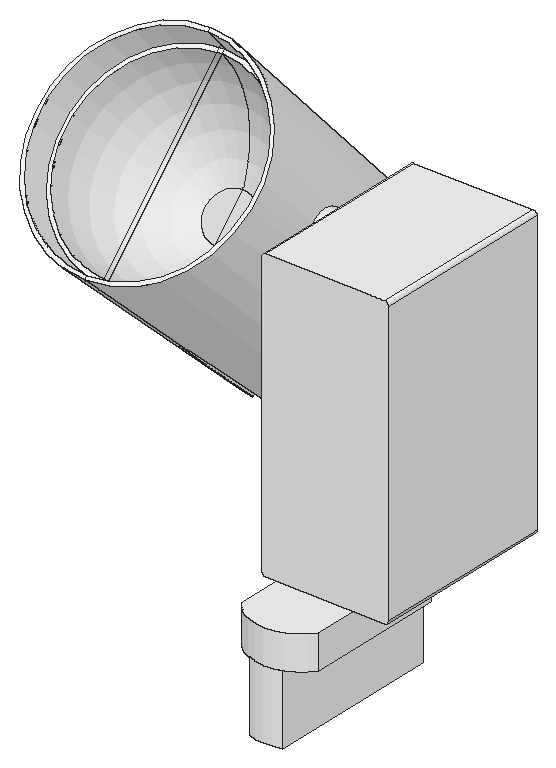
Revit family "0004875 Feilo Sylvania Lighting Fixture START TRACK SPOT S 24W 4K RA90 MB WHITE", category Lighting Fixtures, host Face, Revit 2017 (continued)
Definition of nested family "Start Track Spot Head"
  Types (96, lengths in mm): name | Wattage | built-in parameter 1150134 | Photometric Web File | Model | built-in parameter 1150105 | Lumens | built-in parameter 1150107 | built-in parameter 1150106 | HeadThickness_FEILO | HeadRibOffset_FEILO | HeadRibDepth_FEILO | HeadRibCutWidth_FEILO | HeadRibCutOffset_FEILO | HeadReflectorRadius_FEILO | HeadReflectorOffset_FEILO | HeadLEDRadius_FEILO | HeadHeight_FEILO | HeadDiffusorOffset_FEILO | HeadDiaOut_FEILO | HeadDiaIn_FEILO | HeadAxisFromTop_FEILO | Emit from Circle Diameter | built-in parameter 1150104 | Description | Apparent Load
    0004812 START TRACK SPOT S 14W 3K RA80 MB WHITE | 14 W | (empty or 0) | "0004812.ies" | "START TRACK SPOT S 14W 3K RA80 MB WHITE" | 120.32 (stored number, unit not read) | 1512 lm | 3000 (stored number, unit not read) | 1.2032 (stored number, unit not read) | 1.5 | 4.179 | 55.714 | 7.167 | 50.87 | 50.588 | 55.714 | 9.556 | 117 | 9.435 | 86 | 77.477 | 69.354 | 77.477 | 10.034 (stored number, unit not read) | "Integrated LED spotlight, Textured White - RAL9016, compact and minimalist design, ideal for retail applications, die-cast aluminium body, passive cooling heatsink. Beam angle: 36°, color temperature: 3000K , total system power: 14W, total fixture output: 1508 lm, LOR: 100%, colour rendering: Ra: 80 typical, LED Chromaticity: 3 step MacAdam ellipse, lifetime: >50000 hours at L70B50, energy class: A++, A+, A, IR/UV free light source without heat radiation, operating voltage: 220-240V / 50-60Hz, drive current: 350mA, electronic driver, non-dimmable, power factor: 0.92, electrical protection: Class II, Global Track 3 Phase adapter suitable for Global trac 3-circuit tracks, ingress protection rating: IP20, suitable for internal environment only, horizontal rotation: 355°, vertical tilt: 90°, dimensions: Ø86x140x200, weight: 0.940kg." | 14 VA
    0004811 START TRACK SPOT S 14W 3K RA80 NB WHITE | 14 W | (empty or 0) | "0004811.ies" | "START TRACK SPOT S 14W 3K RA80 NB WHITE" | 123.66 (stored number, unit not read) | 1554 lm | 3000 (stored number, unit not read) | 1.2366 (stored number, unit not read) | 1.5 | 4.179 | 55.714 | 7.167 | 50.87 | 50.588 | 55.714 | 9.556 | 117 | 9.435 | 86 | 77.477 | 69.354 | 77.477 | 10.312 (stored number, unit not read) | "Integrated LED spotlight, Textured White - RAL9016, compact and minimalist design, ideal for retail applications, die-cast aluminium body, passive cooling heatsink. Beam angle: 12°, color temperature: 3000K , total system power: 14W, total fixture output: 1551 lm, LOR: 100%, colour rendering: Ra: 80 typical, LED Chromaticity: 3 step MacAdam ellipse, lifetime: >50000 hours at L70B50, energy class: A++, A+, A, IR/UV free light source without heat radiation, operating voltage: 220-240V / 50-60Hz, drive current: 350mA, electronic driver, non-dimmable, power factor: 0.92, electrical protection: Class II, Global Track 3 Phase adapter suitable for Global trac 3-circuit tracks, ingress protection rating: IP20, suitable for internal environment only, horizontal rotation: 355°, vertical tilt: 90°, dimensions: Ø86x140x200, weight: 0.940kg." | 14 VA
  Reference planes
    plane 1 "Center (Front/Back)": y = 0
    plane 2: z = 0
    plane 3 "Center (Left/Right)": x = 0
    plane 4: x = 43
    plane 5: x = -43
    plane 6: x = -38.739
    plane 7: x = 38.739
    plane 8: z = 69.354
    plane 9: z = -47.646
    plane 10: x = -41.5
    plane 11: x = -37.239
    plane 12: z = -38.211
    plane 13: z = -35.211
    plane 14: z = 8.068
    plane 15: x = -9.556
    plane 16: x = -28.667
    plane 17: x = -19.111
    plane 18: x = -27.167
    plane 19: x = -17.611
    plane 20: x = -8.056
    plane 21: z = 13.64
    plane 22: x = -29.667
    plane 23: x = -26.167
    plane 24: x = -20.111
    plane 25: x = -16.611
    plane 26: x = -10.556
    plane 27: x = -7.056
    plane 28: x = -36.239
    plane 29: x = -40.5
    plane 30: z = 65.175
    plane 31: z = 60.997
    plane 32: z = 56.818
    plane 33: z = 18.484
    plane 34: y = -43
    plane 35: y = 43
    plane 36: y = 3.583
    plane 37: y = -3.583
    plane 38: y = -2.583
    plane 39: y = 2.583
    plane 40: y = 46
    plane 41: z = 13.5
    plane 42: z = -13.5
    plane 43: y = 39
    plane 44: x = 4.708
    plane 45: x = -2.458
    plane 46: x = -1.458
    plane 47: x = 1.458
  Forms (mm)
    Extrusion 1, solid
      sketch origin (4.2, 0, 0) x (1, 0, 0) y (0, 1, 0)
        loop
          line (-1219.2, 1219.2) -> (-1219.2, -1219.2) -> (1219.2, -1219.2) -> (1219.2, 1219.2) -> (-1219.2, 1219.2)
      from 0 to -68.017
    Revolve 2, solid, material <- "Material_1_FEILO", detail levels medium+fine
      sketch origin (0, 0, 0) x (1, 0, 0) y (0, 0, 1)
        loop
          line (-43, -47.646) -> (-41.5, -47.646) -> (-40.5, -35.211) -> (-38.739, -35.211)
          arc (-38.739, -35.211) -> (-30.16, -9.517) -> (-9.556, 8.068) r 50.588
          line (-9.556, 8.068) -> (0, 8.068) -> (0, 13.64) -> (-16.611, 13.64) -> (-17.611, 60.997) -> (-19.111, 60.997) -> (-20.111, 13.64) -> (-36.239, 13.64) -> (-37.239, 69.354) -> (-38.739, 69.354) -> (-43, -47.646)
        axis (0, 69.354) -> (0, -47.646)
      angle from 360 to 0
    Extrusion 3, void
      sketch origin (0, 0, 0) x (0, 1, 0) y (0, 0, 1)
        loop
          line (-3.583, 69.354) -> (-2.583, 18.484) -> (1.932, 18.484) -> (2.932, 69.354) -> (-3.583, 69.354)
      from 43 to -43
    Revolve 4, solid, material <- "Material_2_FEILO", detail levels medium+fine
      sketch origin (0, 0, 0) x (1, 0, 0) y (0, 0, 1)
        loop
          line (-41.5, -38.211) -> (0, -38.211) -> (0, -35.211) -> (-41.5, -35.211) -> (-41.5, -38.211)
        axis (0, -35.211) -> (0, -38.211)
      angle from 360 to 0
    Revolve 5, solid, material <- "Material_1_FEILO"
      sketch origin (0, 0, 0) x (0, 1, 0) y (0, 0, 1)
        loop
          line (46, 0) -> (39, 0) -> (39, -13.5) -> (46, -13.5) -> (46, 0)
        axis (39, 0) -> (46, 0)
      angle from 360 to 0
    Revolve 6, solid, material <- "Material_1_FEILO", detail levels medium+fine
      sketch origin (0, 0, 0) x (1, 0, 0) y (0, 0, 1)
        loop
          line (-29.667, 13.64) -> (-26.167, 13.64) -> (-27.167, 65.175) -> (-28.667, 65.175) -> (-29.667, 13.64)
        loop
          line (-10.556, 13.64) -> (-7.056, 13.64) -> (-7.833, 56.818) -> (-9.778, 56.818) -> (-10.556, 13.64)
        axis (0, 65.175) -> (0, 13.64)
      angle from 360 to 0
    Extrusion 7, void
      sketch origin (0, 0, 0) x (1, 0, 0) y (0, 0, 1)
        loop
          line (4.708, 69.354) -> (-2.458, 69.354) -> (-1.458, 13.64) -> (1.458, 13.64) -> (4.708, 69.354)
      from -43 to 43
    Revolve 8, solid, material <- "Material_1_FEILO", detail levels coarse
      sketch origin (0, 0, 0) x (1, 0, 0) y (0, 0, 1)
        loop
          line (0, 69.354) -> (-38.739, 69.354) -> (-43, -47.646) -> (-41.5, -47.646) -> (-40.731, -38.211) -> (0, -38.211) -> (0, 69.354)
        axis (0, 69.354) -> (0, -47.646)
      angle from 360 to 0
  Cuts and joins
    Extrusion 3 cuts Revolve 2
    Extrusion 7 cuts Revolve 6
  Dimensions and locks
    equal spacing: plane 7, plane 3 "Center (Left/Right)", plane 6
    equal spacing: plane 4, plane 3 "Center (Left/Right)", plane 5
    "HeadDiaOut_FEILO": plane 4 to plane 5
    "HeadDiaIn_FEILO": plane 7 to plane 6
    "HeadHeight_FEILO": plane 8 to plane 9
    "HeadThickness_FEILO": plane 10 to plane 5
    "HeadThickness_FEILO": plane 11 to plane 6
    "HeadDiffusorOffset_FEILO": plane 12 to plane 9
    "HeadDiffusorThickness_FEILO": plane 13 to plane 12
    "HeadReflectorOffset_FEILO": plane 14 to plane 9
    "HeadLEDRadius_FEILO": plane 3 "Center (Left/Right)" to plane 15
    "HeadLEDRadius_FEILO": plane 15 to plane 17
    "HeadLEDRadius_FEILO": plane 17 to plane 16
    "HeadThickness_FEILO": plane 18 to plane 16
    "HeadThickness_FEILO": plane 19 to plane 17
    "HeadThickness_FEILO": plane 20 to plane 15
    "HeadRibDepth_FEILO": plane 8 to plane 21
    "HeadDraft_FEILO": plane 16 to plane 22
    "HeadDraft_FEILO": plane 23 to plane 18
    "HeadDraft_FEILO": plane 17 to plane 24
    "HeadDraft_FEILO": plane 25 to plane 19
    "HeadDraft_FEILO": plane 15 to plane 26
    "HeadDraft_FEILO": plane 27 to plane 20
    "HeadDraft_FEILO": plane 29 to plane 10
    "HeadDraft_FEILO": plane 28 to plane 11
    "HeadRibOffset_FEILO": plane 8 to plane 30
    "HeadRibOffset_FEILO": plane 30 to plane 31
    "HeadRibOffset_FEILO": plane 31 to plane 32
    "HeadAxisFromTop_FEILO": plane 8 to plane 2
    "HeadRibCutOffset_FEILO": plane 8 to plane 33
    equal spacing: plane 34, plane 1 "Center (Front/Back)", plane 35
    "HeadDiaOut_FEILO": plane 34 to plane 35
    equal spacing: plane 38, plane 1 "Center (Front/Back)", plane 39
    equal spacing: plane 37, plane 1 "Center (Front/Back)", plane 36
    "HeadRibCutWidth_FEILO": plane 37 to plane 36
    "HeadDraft_FEILO": plane 37 to plane 38
    locked: plane 35 to plane 40 at 3
    equal spacing: plane 41, plane 2, plane 42
    locked: plane 42 to plane 41 at 27
    locked: plane 43 to plane 35 at 4
    equal spacing: plane 45, imposter light, plane 44
    "HeadDraft_FEILO": plane 46 to plane 45
    "HeadRibCutWidth_FEILO": plane 44 to plane 45
    equal spacing: plane 47, plane 3 "Center (Left/Right)", plane 46
    "HeadReflectorRadius_FEILO": radius of Revolve 2 sketch curve
    aligned and locked: plane 2 to Extrusion 1
    aligned and locked: level to Extrusion 1
    aligned and locked: Revolve 2 sketch curve to plane 3 "Center (Left/Right)"  (x2)
    aligned and locked: plane 9 to Revolve 2 sketch curve  (x2)
    aligned and locked: plane 5 to Revolve 2 sketch curve
    aligned and locked: plane 10 to Revolve 2 sketch curve
    aligned and locked: plane 14 to Revolve 2 sketch curve
    aligned and locked: plane 8 to Revolve 2 sketch curve
    aligned and locked: Revolve 2 sketch curve to plane 13
    aligned and locked: plane 12 to Revolve 4 sketch curve
    aligned and locked: plane 3 "Center (Left/Right)" to Revolve 4 sketch curve
    aligned and locked: Revolve 4 sketch curve to plane 10
    aligned and locked: Revolve 4 sketch curve to plane 3 "Center (Left/Right)"
    aligned and locked: plane 12 to imposter light
    aligned and locked: imposter light to plane 1 "Center (Front/Back)"
    aligned and locked: Revolve 5 sketch curve to plane 2
    aligned and locked: plane 43 to Revolve 5 sketch curve
    aligned and locked: plane 42 to Revolve 5 sketch curve
    aligned and locked: Revolve 6 sketch curve to plane 3 "Center (Left/Right)"
    aligned and locked: plane 22 to Revolve 6 sketch curve
    aligned and locked: plane 30 to Revolve 6 sketch curve
    aligned and locked: plane 23 to Revolve 6 sketch curve
    aligned and locked: Revolve 6 sketch curve to plane 21  (x2)
    aligned and locked: plane 21 to Revolve 6 sketch curve
    aligned and locked: plane 17 to Revolve 2 sketch curve
    aligned and locked: plane 19 to Revolve 2 sketch curve
    aligned and locked: plane 31 to Revolve 2 sketch curve
    aligned and locked: plane 21 to Revolve 2 sketch curve
    aligned and locked: Extrusion 3 to plane 8
    aligned and locked: plane 33 to Extrusion 3
    aligned and locked: plane 8 to Extrusion 3 sketch curve
    aligned and locked: Extrusion 3 sketch curve to plane 33
    aligned and locked: Extrusion 3 to plane 5
    aligned and locked: plane 4 to Extrusion 3
    aligned and locked: plane 32 to Revolve 6 sketch curve
    aligned and locked: plane 44 to Extrusion 7 sketch curve
    aligned and locked: Extrusion 7 sketch curve to plane 8
    aligned and locked: plane 46 to Extrusion 7 sketch curve
    aligned and locked: plane 21 to Extrusion 7 sketch curve
    aligned and locked: plane 34 to Extrusion 7
    aligned and locked: Extrusion 7 to plane 35
    aligned and locked: Revolve 4 sketch curve to plane 13
    aligned and locked: Revolve 5 sketch curve to plane 40
    aligned and locked: Revolve 8 sketch curve to plane 3 "Center (Left/Right)"
    aligned and locked: Revolve 8 sketch curve to cut or joined group of Revolve 2, Extrusion 3  (x3)
    aligned and locked: plane 5 to Revolve 8 sketch curve
    aligned and locked: plane 3 "Center (Left/Right)" to Revolve 8 sketch curve
    aligned and locked: plane 12 to Revolve 8 sketch curve
  Automatic sketch dimensions
    Extrusion 1 sketch curve to Extrusion 1 sketch curve = 2438.4 mm  (x2)
    Extrusion 3 sketch curve to plane 37 = 0 mm
    Extrusion 3 sketch curve to plane 38 = 0 mm
    plane 39 to Extrusion 3 sketch curve = 0.651 mm
    Extrusion 3 sketch curve to plane 39 = 0.349 mm
    Revolve 6 sketch curve to plane 16 = 0 mm
    Revolve 6 sketch curve to plane 18 = 0 mm
    Revolve 6 sketch curve to plane 26 = 0 mm
    Revolve 6 sketch curve to plane 27 = 0 mm
    Revolve 6 sketch curve to plane 15 = 0.222 mm
    plane 9 to Revolve 6 sketch curve = 559.103 mm
    Revolve 6 sketch curve to plane 8 = 2535.555 mm
    plane 20 to Revolve 6 sketch curve = 0.222 mm
    Revolve 2 sketch curve to plane 29 = 0 mm
    Revolve 2 sketch curve to plane 6 = 0 mm  (x2)
    Revolve 2 sketch curve to plane 11 = 0 mm
    Revolve 2 sketch curve to plane 21 = 0 mm
    Revolve 2 sketch curve to plane 28 = 0 mm
    Revolve 2 sketch curve to plane 24 = 0 mm
    Revolve 2 sketch curve to plane 25 = 0 mm
    Revolve 2 sketch curve to plane 15 = 0 mm
    Revolve 2 sketch curve to Revolve 2 sketch curve = 557.155 mm
    Revolve 2 sketch curve to plane 8 = 2535.558 mm
    Extrusion 7 sketch curve to plane 45 = 0 mm
    Extrusion 7 sketch curve to plane 47 = 0 mm
    plane 9 to Revolve 4 sketch curve = 559.103 mm
    Revolve 4 sketch curve to plane 8 = 2535.555 mm
    Revolve 5 sketch curve to level = 0 mm
    plane 34 to Revolve 5 sketch curve = 1968.092 mm
    Revolve 5 sketch curve to plane 40 = 1405.763 mm
    Revolve 8 sketch curve to plane 6 = 0 mm
    Revolve 8 sketch curve to plane 29 = 0.231 mm
    plane 9 to Revolve 8 sketch curve = 559.103 mm
    Revolve 8 sketch curve to Revolve 8 sketch curve = 2535.555 mm
Definition of nested family "Start Track Spot Box"
  Parameters (values of type "Type Large White")
    URL = "http://www.feilosylvania.com"
    Type Image = (empty or 0)
    Type Comments = "n/a"
    Small_FEILO = no
    Material_3_FEILO = none
    Model = ""
    Manufacturer = "Feilo Sylvania"
    Keynote = ""
    Material_2_FEILO = none
    Description = ""
    Default Elevation = 1219.2 mm
    Cost = 0
    Material_1_FEILO = none
    BoxWidth_FEILO = 49 mm
    BoxStartAngle_FEILO [instance] = 0.00°
    BoxRadius_FEILO = 1.5 mm
    BoxHeight_FEILO = if(Small_FEILO, 112 mm, 136 mm)  # 136 mm
    BoxEndAngle_FEILO [instance] = BoxStartAngle_FEILO - 180.00°  # -180.00°
    BoxDepth_FEILO = if(Small_FEILO, 71.5 mm, 79 mm)  # 79 mm
    BoxAxisVerticalOffset_FEILO = 16 mm
    BoxAxisOffset_FEILO = BoxHeight_FEILO / 6.8  # 20 mm
    Assembly Code = ""
    Material_4_FEILO = none
  Types (4, lengths in mm): name | Small_FEILO | BoxHeight_FEILO | BoxDepth_FEILO | BoxAxisOffset_FEILO
    Type Large White | no | 136 | 79 | 20
    Type Small White | yes | 112 | 71.5 | 16.471
    Type Small Black | yes | 112 | 71.5 | 16.471
    Type Large Black | no | 136 | 79 | 20
  Reference planes
    plane 1 "Center (Front/Back)": y = 0
    plane 2: z = 0
    plane 3 "Center (Left/Right)": x = 0
    plane 4: x = 24.5
    plane 5: x = -24.5
    plane 6: y = 68
    plane 7: y = -68
    plane 8: z = 39.5
    plane 9: z = -39.5
    plane 10: y = -48
    plane 11: x = 30.5
    plane 12: x = 8.5
    plane 13: x = 21.5
    plane 14: y = 70
    plane 15: y = 72
    plane 16: x = 19.5
  Forms (mm)
    Extrusion 1, solid
      sketch origin (4.2, 0, 0) x (1, 0, 0) y (0, 1, 0)
        loop
          line (-1219.2, 1219.2) -> (-1219.2, -1219.2) -> (1219.2, -1219.2) -> (1219.2, 1219.2) -> (-1219.2, 1219.2)
      from 0 to -68.017
    Extrusion 2, solid, material <- "Material_1_FEILO"
      sketch origin (0, 0, 0) x (1, 0, 0) y (0, 1, 0)
        loop
          arc (-23, 68) -> (-24.061, 67.561) -> (-24.5, 66.5) r 1.5
          line (-24.5, 66.5) -> (-24.5, -66.5)
          arc (-24.5, -66.5) -> (-24.061, -67.561) -> (-23, -68) r 1.5
          line (-23, -68) -> (23, -68)
          arc (23, -68) -> (24.061, -67.561) -> (24.5, -66.5) r 1.5
          line (24.5, -66.5) -> (24.5, 66.5)
          arc (24.5, 66.5) -> (24.061, 67.561) -> (23, 68) r 1.5
          line (23, 68) -> (-23, 68)
      from -39.5 to 39.5
    Revolve 3, solid, not visible
      sketch origin (0, 0, 0) x (1, 0, 0) y (0, 1, 0)
        loop
          line (30.5, -48) -> (24.5, -48) -> (24.5, -68) -> (30.5, -68) -> (30.5, -48)
        axis (30.5, -48) -> (24.5, -48)
      angle from 0 <- "BoxStartAngle_FEILO" to -180 <- "BoxEndAngle_FEILO"
    Revolve 4, solid, material <- "Material_2_FEILO"
      sketch origin (0, 0, 0) x (1, 0, 0) y (0, 1, 0)
        loop
          line (8.5, 68) -> (19.5, 68) -> (19.5, 70) -> (21.5, 70) -> (21.5, 72) -> (8.5, 72) -> (8.5, 68)
        axis (8.5, 72) -> (8.5, 68)
      angle from 360 to 0
  Dimensions and locks
    equal spacing: plane 5, plane 3 "Center (Left/Right)", plane 4
    "BoxWidth_FEILO": plane 5 to plane 4
    equal spacing: plane 7, plane 1 "Center (Front/Back)", plane 6
    "BoxHeight_FEILO": plane 7 to plane 6
    equal spacing: plane 8, plane 2, plane 9
    "BoxDepth_FEILO": plane 8 to plane 9
    "BoxAxisOffset_FEILO": plane 7 to plane 10
    locked: plane 4 to plane 11 at 6
    "BoxAxisVerticalOffset_FEILO": plane 12 to plane 4
    locked: plane 12 to plane 13 at 13
    plane 6 to plane 14 to plane 15 = 2 mm locked, 2 mm locked
    locked: plane 12 to plane 16 at 11
    "BoxRadius_FEILO": radius of Extrusion 2 sketch curve  (x4)
    aligned and locked: plane 2 to Extrusion 1
    aligned and locked: level to Extrusion 1
    aligned and locked: plane 6 to Extrusion 2 sketch curve
    aligned and locked: plane 5 to Extrusion 2 sketch curve
    aligned and locked: Extrusion 2 sketch curve to plane 7
    aligned and locked: Extrusion 2 sketch curve to plane 4
    aligned and locked: Extrusion 2 to plane 8
    aligned and locked: plane 9 to Extrusion 2
    aligned and locked: Revolve 3 sketch curve to plane 10  (x2)
    aligned and locked: plane 11 to Revolve 3 sketch curve
    aligned and locked: Revolve 3 sketch curve to plane 4
    aligned and locked: plane 7 to Revolve 3 sketch curve
    aligned and locked: Revolve 4 sketch curve to plane 12
    aligned and locked: plane 6 to Revolve 4 sketch curve
    aligned and locked: plane 12 to Revolve 4 sketch curve
    aligned and locked: plane 15 to Revolve 4 sketch curve
    aligned and locked: Revolve 4 sketch curve to plane 13
    aligned and locked: Revolve 4 sketch curve to plane 14
    aligned and locked: Revolve 4 sketch curve to plane 16
    aligned and locked: Revolve 4 sketch curve to plane 6
  Automatic sketch dimensions
    Extrusion 1 sketch curve to Extrusion 1 sketch curve = 2438.4 mm  (x2)
    Revolve 3 sketch curve to plane 5 = 1499.5 mm
    plane 11 to Revolve 3 sketch curve = 1493.5 mm
    plane 15 to Revolve 4 sketch curve = 0 mm
    plane 7 to Revolve 4 sketch curve = 1456 mm
    Revolve 4 sketch curve to plane 15 = 1452 mm
